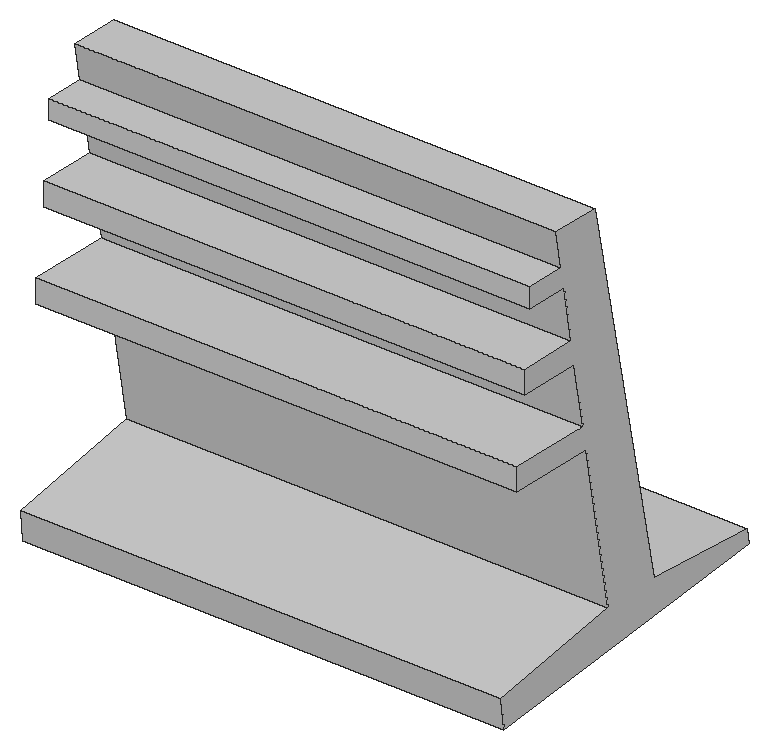
Revit family "M_ParedesdeRetenção_Par_Família_Prateleira3", category Fundações estruturais, Revit 2019
Family settings
  Material para o comportamento do modelo = Outros
  Cap = Não
  Número OmniClass = 23.10.20.14
  Título OmniClass = Retaining Walls
  ID de item do Seek = RetainingWall_Par_Family_Shelf3-0000-CAN-ENU
  Com base no plano de trabalho = Não
  Sempre na vertical = Sim
  Corte com vazios quando carregada = Não
  Compartilhado = Não
Parameters (values of type "Padrão")
  h7 = h4 - h6  # 3870.587 mm
  h6 = Gw1 * tan(Alfa - Beta)  # -34.963 mm
  h4 = (H - Gf3 * cos(Alfa) + Bw * sin(Alfa)) / cos(Beta)  # 3835.623 mm
  h3 = (H - Gf3 * cos(Alfa) + (Bw + Gw2) * sin(Alfa)) / cos(Beta)  # 3899.308 mm
  h2 = (Bw + Gw2) * sin(Alfa)  # 188.151 mm
  h1 = Gf4 * cos(Alfa)  # 397.809 mm
  TmpBs3 = Gf4 * sin(Alfa) + (Bw + Gw2) * cos(Alfa) + (H - Hs3 - Gs3 - h1 + h2) * sin(Beta) + Bs3  # 3008.111 mm
  TmpBs2 = Gf4 * sin(Alfa) + (Bw + Gw2) * cos(Alfa) + (H - Hs2 - Gs2 - h1 + h2) * sin(Beta) + Bs2  # 2907.448 mm
  TmpBs1 = Gf4 * sin(Alfa) + (Bw + Gw2) * cos(Alfa) + (H - Hs1 - Gs1 - h1 + h2) * sin(Beta) + Bs1  # 2842.894 mm
  Tmp2 = (Bw + Gf3 * tan(Alfa - Gama)) * cos(Alfa - Gama)  # 1161.121 mm
  Tmp1 = (Bw + Gw2 + Gf4 * tan(Alfa - Beta)) * cos(Alfa - Beta)  # 1767.713 mm
  Structural Material [instance] = Concreto - Moldado in loco
  Length [instance] = 5000 mm
  Hs3 = 1960 mm
  Hs2 = 1100 mm
  Hs1 = 360 mm
  H = 4000 mm
  Gw2 = 600 mm
  Gw1 = 500 mm
  Gs3 = 240 mm
  Gs2 = 240 mm
  Gs1 = 200 mm
  Gf4 = 400 mm
  Gf3 = 350 mm
  Gf2 = 300 mm
  Gf1 = 150 mm
  Gama2 = atan((Gw2 * cos(Alfa - Beta) - Gw1 * cos(Alfa - Beta)) / h7)  # 1.47635°
  Gama = Gama2 + Beta  # 11.4764°
  Bw = 1200 mm
  Bs3 = 900 mm
  Bs2 = 650 mm
  Bs1 = 450 mm
  Beta = 10.00°
  B = 3200 mm
  Assembly Code = ""
  Alfa = 6.00°
Reference planes
  plane 1 "Centro (Frente/Trás)": y = 0
  plane 2: z = 0
  plane 3 "Centro (Esquerda/Direita)": x = 0
  plane 4: z = 4000
  plane 5: x = 5000
  plane 6: z = 3640
  plane 7: z = 3440
  plane 8: y = -2842.894
  plane 9: z = 2900
  plane 10: z = 2660
  plane 11: y = -2907.448
  plane 12: z = 2040
  plane 13: z = 1800
  plane 14: y = -3008.111
Forms (mm)
  Sweep 1, solid, material "Concreto - Moldado in loco" <- "Structural Material"
    path origin (0, 0, 0) x (1, 0, 0) y (0, 1, 0)
      loop
        line (0, 0) -> (5000, 0)
    profile "M_Prateleira3-Perfil : M_Prateleira3-Perfil" origin (2500, 0, 0) x (0, 1, 0) y (0, 0, 1)
      loop
        line (-1996.899, 4000) -> (-2500.29, 4000) -> (-2436.813, 3640) -> (-2842.894, 3640) -> (-2842.894, 3440) -> (-2401.547, 3440) -> (-2306.331, 2900) -> (-2907.448, 2900) -> (-2907.448, 2660) -> (-2264.012, 2660) -> (-2154.69, 2040) -> (-3008.111, 2040) -> (-3008.111, 1800) -> (-2112.371, 1800) -> (-1831.951, 209.658) -> (-3213.829, -36.135) -> (-3182.47, -334.491) -> (0, 0) -> (-15.679, 149.178) -> (-1230.011, 222.649) -> (-1996.899, 4000)
Dimensions and locks
  "H": plane 4 to plane 2
  "Length": plane 3 "Centro (Esquerda/Direita)" to plane 5
  "Hs1": plane 4 to plane 6
  "Gs1": plane 6 to plane 7
  "TmpBs1": plane 8 to plane 1 "Centro (Frente/Trás)"
  "Hs2": plane 4 to plane 9
  "Gs2": plane 9 to plane 10
  "TmpBs2": plane 1 "Centro (Frente/Trás)" to plane 11
  "Hs3": plane 4 to plane 12
  "Gs3": plane 12 to plane 13
  "TmpBs3": plane 1 "Centro (Frente/Trás)" to plane 14
  aligned and locked: plane 3 "Centro (Esquerda/Direita)" to Sweep 1 sketch curve
  aligned and locked: plane 5 to Sweep 1 sketch curve
  aligned and locked: plane 1 "Centro (Frente/Trás)" to Sweep 1 sketch curve
